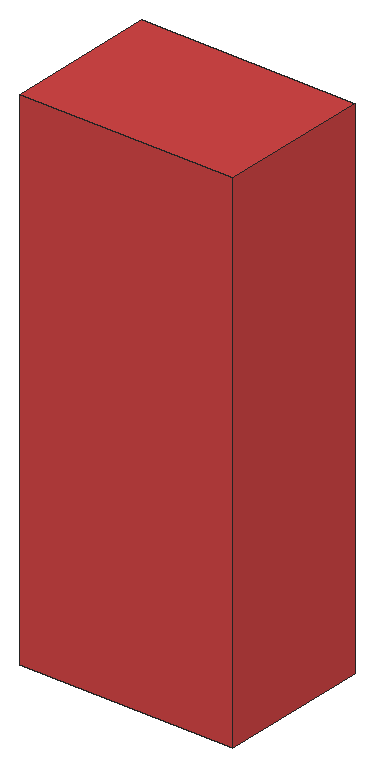
Revit family
Parameters (values of type "350 x 840mm High")
  Top of Box = 1600 mm
  Slot Width = 250 mm
  Slot Depth = 90 mm
  Post Box Width = 350 mm
  Post Box Height = 840 mm
  Post Box Depth = 250 mm
  Offset from Wall = 50 mm
  Material Post Box = Paint - Red
Reference planes
  plane 1 "Wall": y = 0
  plane 2 "Center (Left/Right)": x = 152.151
  plane 3 "Back": y = 150
  plane 4: x = -22.849
  plane 5: x = 327.151
  plane 6: y = 200
  plane 7: y = -50
  plane 8: z = 1600
  plane 9: z = 760
  plane 10: z = 1590
  plane 11: z = 770
  plane 12: x = 277.151
  plane 13: x = 27.151
  plane 14: z = 1500
  plane 15: z = 1410
Forms (mm)
  Extrusion 1, solid, material "Paint - Red" <- "Material Post Box"
    sketch origin (0, 0, 0) x (1, 0, 0) y (0, 1, 0)
      loop
        line (-22.849, -50) -> (327.151, -50) -> (327.151, 200) -> (-22.849, 200) -> (-22.849, -50)
    from 760 to 1600
  Extrusion 2, void
    sketch origin (0, 0, 0) x (1, 0, 0) y (0, 1, 0)
      loop
        line (-22.849, -50) -> (327.151, -50) -> (327.151, 150) -> (-22.849, 150) -> (-22.849, -50)
    from 760 to 1600
  Extrusion 3, void
    sketch origin (0, 0, 0) x (1, 0, 0) y (0, 1, 0)
      loop
        line (-12.849, -40) -> (317.151, -40) -> (317.151, 190) -> (-12.849, 190) -> (-12.849, -40)
    from 770 to 1590
  Extrusion 4, void
    sketch origin (0, 200, 0) x (-1, 0, 0) y (0, 0, 1)
      loop
        line (-277.151, 1410) -> (-27.151, 1410) -> (-27.151, 1500) -> (-277.151, 1500) -> (-277.151, 1410)
    from -10 to 0
  Extrusion 5, solid, material "Paint - Red" <- "Material Post Box"
    sketch origin (152.151, 0, 0) x (0, 1, 0) y (0, 0, 1)
      loop
        line (200, 1530) -> (238.567, 1484.037) -> (244.696, 1489.18) -> (200, 1542.446) -> (200, 1530)
    from -125 to 125
  Extrusion 6, solid, material "Paint - White Ivory"
    sketch origin (0, 200, 0) x (1, 0, 0) y (0, 0, 1)
      loop
        line (227.151, 1110) -> (227.151, 1360) -> (77.151, 1360) -> (77.151, 1110) -> (227.151, 1110)
    from 0 to 10
  Sweep 7, solid, material "Paint - Black Glossy"
    path origin (0, 200, 0) x (1, 0, 0) y (0, 0, 1)
      loop
        line (291.864, 810) -> (291.864, 1385) -> (11.864, 1385) -> (11.864, 810) -> (291.864, 810)
    profile origin (0, 0, 1097.5) x (0, -1, 0) y (1, 0, 0)
      loop
        arc (-200, 294.864) -> (-203, 291.864) -> (-200, 288.864) r 3
        line (-200, 288.864) -> (-200, 294.864)
Cuts and joins
  Extrusion 3, Extrusion 4 cuts Extrusion 1
  joined: Extrusion 1, Extrusion 5
Text (mm)
  text "Placement side" at (-1848.837, 1116.779, 0), in view "Ref. Level"
  text "Placement side" at (0, 1409.804, 2854.306), in view "Left"
  text "Placement side" at (0, 499.811, 2980.732), in view "Right"
Dimensions and locks
  locked: plane 3 "Back" to host wall
  equal spacing: plane 4, plane 2 "Center (Left/Right)", plane 5
  "Post Box Width": plane 4 to plane 5
  "Offset from Wall": plane 3 "Back" to plane 6
  "Post Box Depth": plane 7 to plane 6
  "Top of Box": level to plane 8
  "Post Box Height": plane 9 to plane 8
  locked: plane 4 to Extrusion 3 sketch curve at 10
  locked: Extrusion 3 sketch curve to plane 5 at 10
  locked: plane 7 to Extrusion 3 sketch curve at 10
  locked: Extrusion 3 sketch curve to plane 6 at 10
  locked: plane 10 to plane 8 at 10
  locked: plane 9 to plane 11 at 10
  plane 14 to plane 8 = 100 mm
  "Slot Depth": plane 15 to plane 14
  equal spacing: plane 12, plane 2 "Center (Left/Right)", plane 13
  "Slot Width": plane 12 to plane 13
  locked: Extrusion 5 sketch curve to plane 8 at 70
  locked: Extrusion 5 sketch curve to Extrusion 5 sketch curve at 8
  locked: Extrusion 5 sketch curve to Extrusion 5 sketch curve at 60
  equal spacing: Extrusion 6 sketch curve, plane 2 "Center (Left/Right)", Extrusion 6 sketch curve
  locked: Extrusion 6 sketch curve to Extrusion 6 sketch curve at 250
  locked: Extrusion 6 sketch curve to cut or joined group of Extrusion 1, Extrusion 3, Extrusion 4, Extrusion 5 at 50
  locked: Extrusion 6 sketch curve to Extrusion 6 sketch curve at 150
  locked: cut or joined group of Extrusion 1, Extrusion 3, Extrusion 4, Extrusion 5 to Sweep 7 sketch curve at 35.287
  locked: cut or joined group of Extrusion 1, Extrusion 3, Extrusion 4, Extrusion 5 to Sweep 7 sketch curve at 34.713
  locked: cut or joined group of Extrusion 1, Extrusion 3, Extrusion 4, Extrusion 5 to Sweep 7 sketch curve at 50
  locked: Sweep 7 sketch curve to cut or joined group of Extrusion 1, Extrusion 3, Extrusion 4, Extrusion 5 at 25
  locked: cut or joined group of Extrusion 1, Extrusion 3, Extrusion 4, Extrusion 5 to Extrusion 5 sketch curve (angle 40.00°)
  aligned and locked: plane 1 "Wall" to host wall
  aligned and locked: Extrusion 1 to plane 8
  aligned and locked: Extrusion 2 to plane 8
  aligned and locked: Extrusion 3 to plane 10
  aligned and locked: plane 11 to Extrusion 3
  aligned and locked: Extrusion 4 to Extrusion 3
  aligned and locked: Extrusion 4 to plane 6
  aligned and locked: cut or joined group of Extrusion 1, Extrusion 3, Extrusion 4, Extrusion 5 to Extrusion 5 sketch curve
  aligned and locked: cut or joined group of Extrusion 1, Extrusion 3, Extrusion 4, Extrusion 5 to Extrusion 5
  aligned and locked: Extrusion 5 to cut or joined group of Extrusion 1, Extrusion 3, Extrusion 4, Extrusion 5
  aligned and locked: Extrusion 1 to plane 9
Automatic sketch dimensions
  Extrusion 1 sketch curve to plane 4 = 0 mm
  Extrusion 1 sketch curve to plane 5 = 0 mm
  Extrusion 1 sketch curve to plane 7 = 0 mm
  Extrusion 1 sketch curve to plane 6 = 0 mm
  Extrusion 2 sketch curve to host wall = 0 mm
  Extrusion 2 sketch curve to plane 4 = 0 mm
  Extrusion 2 sketch curve to plane 5 = 0 mm
  Extrusion 2 sketch curve to plane 7 = 0 mm
  Extrusion 4 sketch curve to plane 12 = 0 mm
  Extrusion 4 sketch curve to plane 13 = 0 mm
  Extrusion 4 sketch curve to plane 15 = 0 mm
  Extrusion 4 sketch curve to plane 14 = 0 mm
  Sweep 7 sketch curve to plane 6 = 0 mm
  Sweep 7 sketch curve to profile plane = 0 mm
  profile plane to Sweep 7 sketch curve = 3 mm
